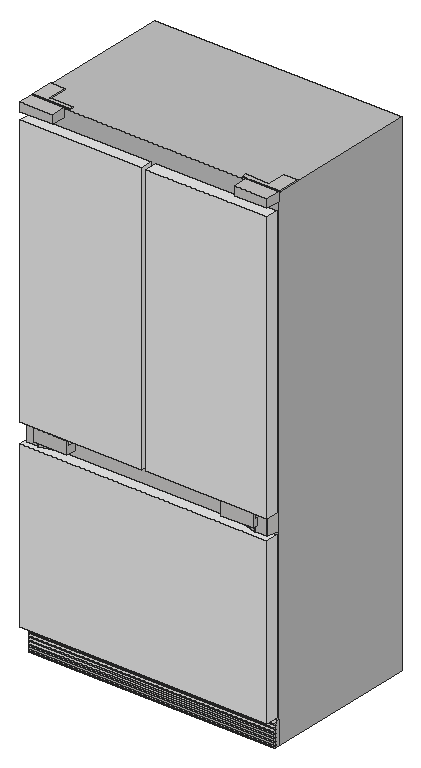
Revit family "FP_Revit_18_RS90A1_Fridge_90001176A", category Specialty Equipment, Revit 2018 (continued)
Definition of nested family "F&P Handle Kit - Contemporary Round - Vertical"
  Forms (mm)
    Extrusion 2, solid, material <- "Material - Handle", detail levels fine
      from 243.5 to 363.5
    Extrusion 3, solid, material <- "Material - Handle", detail levels fine
      sketch origin (0, 0, 0) x (1, 0, 0) y (0, 1, 0)
        loop
          line (-8.7, 0) -> (-8.7, -32.3)
          arc (-8.7, -32.3) -> (0, -41) -> (8.7, -32.3) r 8.7
          line (8.7, -32.3) -> (8.7, 0) -> (-8.7, 0)
      from -363.5 to -243.5
    Sweep 4, void
      path in 3D
        loop
          line (8.7, 0, -363.5) -> (8.7, -32.3, -363.5)
          arc (8.7, -32.3, -363.5) -> (0, -41, -363.5) -> (-8.7, -32.3, -363.5) r 8.7
          line (-8.7, -32.3, -363.5) -> (-8.7, 0, -363.5)
      profile origin (8.7, -16.15, -363.5) x (-1, 0, 0) y (0, 0, -1)
        loop
          line (0, 0) -> (0, -1) -> (1, 0) -> (0, 0)
    Sweep 5, void
      path in 3D
        loop
          line (-8.7, 0, 363.5) -> (-8.7, -32.3, 363.5)
          arc (-8.7, -32.3, 363.5) -> (0, -41, 363.5) -> (8.7, -32.3, 363.5) r 8.7
          line (8.7, -32.3, 363.5) -> (8.7, 0, 363.5)
      profile origin (8.7, -16.15, 363.5) x (-1, 0, 0) y (0, 0, 1)
        loop
          line (0, 0) -> (0, -1) -> (1, 0) -> (0, 0)
    Extrusion 6, solid, material <- "Material - Handle", detail levels coarse+medium
      sketch origin (0, 0, 0) x (1, 0, 0) y (0, 1, 0)
        loop
          line (-8.7, 0) -> (-8.7, -32.3)
          arc (-8.7, -32.3) -> (0, -41) -> (8.7, -32.3) r 8.7
          line (8.7, -32.3) -> (8.7, 0) -> (-8.7, 0)
      from 243.5 to 363.5
    Extrusion 7, solid, material <- "Material - Handle", detail levels coarse+medium
      sketch origin (0, 0, 0) x (1, 0, 0) y (0, 1, 0)
        loop
          line (-8.7, 0) -> (-8.7, -32.3)
          arc (-8.7, -32.3) -> (0, -41) -> (8.7, -32.3) r 8.7
          line (8.7, -32.3) -> (8.7, 0) -> (-8.7, 0)
      from -363.5 to -243.5
  Cuts and joins
    Sweep 4 cuts Extrusion 3
    Sweep 5 cuts Extrusion 2
  Lines and regions (mm)
    sketch lines
      curve 1: line (8.7, 0, -363.5) -> (8.7, -32.3, -363.5)
      curve 2: arc (-8.7, -32.3, -363.5) -> (0, -41, -363.5) -> (8.7, -32.3, -363.5) r 8.7
      curve 3: line (-8.7, -32.3, -363.5) -> (-8.7, 0, -363.5)
      curve 4: line (8.7, -32.3, 363.5) -> (8.7, 0, 363.5)
      curve 5: arc (8.7, -32.3, 363.5) -> (0, -41, 363.5) -> (-8.7, -32.3, 363.5) r 8.7
      curve 6: line (-8.7, 0, 363.5) -> (-8.7, -32.3, 363.5)
  Dimensions and locks
    equal spacing: plane 4 "Top", level, plane 5 "Bottom"
    "Handle - Length": plane 4 "Top" to plane 5 "Bottom"
    locked: plane 4 "Top" to plane 6 "Top Standoff" at 120
    locked: plane 7 "Bottom Standoff" to plane 5 "Bottom" at 120
    Extrusion 2 sketch curve to Extrusion 2 sketch curve = 17.4 mm
    Extrusion 3 sketch curve to Extrusion 3 sketch curve = 17.4 mm
    Extrusion 6 sketch curve to Extrusion 6 sketch curve = 17.4 mm
    Extrusion 7 sketch curve to Extrusion 7 sketch curve = 17.4 mm
    aligned and locked: level to plane 2
    aligned and locked: plane 4 "Top" to Extrusion 2
    aligned and locked: Extrusion 3 to plane 5 "Bottom"
    aligned and locked: plane 7 "Bottom Standoff" to Extrusion 3
    aligned and locked: Extrusion 1 to plane 7 "Bottom Standoff"
    aligned and locked: plane 6 "Top Standoff" to Extrusion 1
    aligned and locked: Extrusion 2 to Extrusion 1
    aligned and locked: Extrusion 6 to Extrusion 1
    aligned and locked: plane 4 "Top" to Extrusion 6
    aligned and locked: Extrusion 7 to Extrusion 1
    aligned and locked: Extrusion 7 to plane 5 "Bottom"
  Automatic sketch dimensions
    Extrusion 1 sketch curve to plane 3 "Center (Left/Right)" = 0 mm
    plane 1 "Center (Front/Back)" to Extrusion 1 sketch curve = 32.3 mm
    plane 1 "Center (Front/Back)" to Extrusion 2 sketch curve = 0 mm
    Extrusion 2 sketch curve to plane 3 "Center (Left/Right)" = 0 mm
    Extrusion 2 sketch curve to plane 3 "Center (Left/Right)" = 8.7 mm
    plane 1 "Center (Front/Back)" to Extrusion 2 sketch curve = 32.3 mm
    plane 1 "Center (Front/Back)" to Extrusion 3 sketch curve = 0 mm
    Extrusion 3 sketch curve to plane 3 "Center (Left/Right)" = 0 mm
    Extrusion 3 sketch curve to plane 3 "Center (Left/Right)" = 8.7 mm
    plane 1 "Center (Front/Back)" to Extrusion 3 sketch curve = 32.3 mm
    Sweep 4 sketch curve to profile plane = 0 mm  (x2)
    Sweep 4 sketch curve to profile plane = 1 mm  (x2)
    Sweep 5 sketch curve to profile plane = 0 mm  (x2)
    Sweep 5 sketch curve to profile plane = 1 mm  (x2)
    Extrusion 6 sketch curve to plane 3 "Center (Left/Right)" = 0 mm
    Extrusion 6 sketch curve to plane 3 "Center (Left/Right)" = 8.7 mm
    plane 1 "Center (Front/Back)" to Extrusion 6 sketch curve = 32.3 mm
    Extrusion 6 sketch curve to Extrusion 6 sketch curve = 32.3 mm
    Extrusion 7 sketch curve to plane 3 "Center (Left/Right)" = 0 mm
    Extrusion 7 sketch curve to plane 3 "Center (Left/Right)" = 8.7 mm
    plane 1 "Center (Front/Back)" to Extrusion 7 sketch curve = 32.3 mm
    Extrusion 7 sketch curve to Extrusion 7 sketch curve = 32.3 mm
    radius of Extrusion 1 sketch curve = 8.7 mm
Definition of nested family "F&P Handle Kit - Contemporary Square Fine - Horizontal"
  Parameters (values of type "AHD5RD80AB - Contemporary square fine black handle (2 of 2) (Horizontal) 646mm")
    URL = "www.fisherpaykel.com"
    Material - Handle = none
    Manufacturer = "Fisher & Paykel Appliances"
    Handle - Length = 646 mm
  Types (14, lengths in mm): name | Handle - Length
    AHD5RD2484W - Contemporary square fine handle (2 of 2) (Horizontal) 494mm | 494
    AHD5RD2484WB - Contemporary square fine black handle (2 of 2) (Horizontal) 494mm | 494
    AHD5RD3084W - Contemporary square fine handle (2 of 2) (Horizontal) 646mm | 646
    AHD5RD3084WB - Contemporary square fine black handle (2 of 2) (Horizontal) 646mm | 646
    AHD5RD7621W - Contemporary square fine handle (2 of 2) (Horizontal) 646mm | 646
    AHD5RD7621WB - Contemporary square fine handle black (2 of 2) (Horizontal) 646mm | 646
    AHD5RD6121W - Contemporary square fine handle (2 of 2) (Horizontal) 494mm | 494
    AHD5RD6121WB - Contemporary square fine handle black (2 of 2) (Horizontal) 494mm | 494
    AHD5RD36A - Contemporary square fine handle (2 of 2) (Horizontal) 746mm | 746
    AHD5RD36AB - Contemporary square fine black handle (2 of 2) (Horizontal) 746mm | 746
    AHD5RD90A - Contemporary square fine handle (2 of 2) (Horizontal) 746mm | 746
    AHD5RD80A - Contemporary square fine handle (2 of 2) (Horizontal) 646mm | 646
    AHD5RD80AB - Contemporary square fine black handle (2 of 2) (Horizontal) 646mm | 646
    AHD5RD90AB - Contemporary square fine black handle (2 of 2) (Horizontal) 746mm | 746
  Reference planes
    plane 1 "Center (Front/Back)": y = 0
    plane 2: z = 0
    plane 3 "Center (Left/Right)": x = 0
    plane 4 "Product LHS": x = -323
    plane 5 "Product RHS": x = 323
    plane 6 "LHS Standoff": x = -202.995
    plane 7 "RHS Standoff": x = 203.005
  Forms (mm)
    Extrusion 1, solid, material <- "Material - Handle", detail levels fine
      sketch origin (0, 0, 0) x (0, 1, 0) y (0, 0, 1)
        loop
          arc (-26.813, 6.16) -> (-27.196, 6.554) -> (-27.728, 6.686) r 1
          line (-27.728, 6.686) -> (-40.035, 6.256)
          arc (-40.035, 6.256) -> (-40.719, 5.951) -> (-41, 5.257) r 1
          line (-41, 5.257) -> (-41, -5.257)
          arc (-41, -5.257) -> (-40.719, -5.951) -> (-40.035, -6.256) r 1
          line (-40.035, -6.256) -> (-27.709, -6.686)
          arc (-27.709, -6.686) -> (-27.175, -6.554) -> (-26.792, -6.158) r 1
          arc (-26.792, -6.158) -> (-25.256, 0.004) -> (-26.813, 6.16) r 13.038
      from -323 to 323
    Extrusion 2, solid, material <- "Material - Handle", detail levels fine
      sketch origin (0, 0, 0) x (0, 1, 0) y (0, 0, 1)
        loop
          arc (-26.626, -6.008) -> (-26.614, -6.49) -> (-26.2, -6.737) r 0.5
          line (-26.2, -6.737) -> (0, -7.696) -> (0, 7.704) -> (-26.174, 6.747)
          arc (-26.174, 6.747) -> (-26.587, 6.5) -> (-26.6, 6.019) r 0.5
          arc (-26.6, 6.019) -> (-25.156, 0.002) -> (-26.626, -6.008) r 13.136
      from 203.005 to 323
    Extrusion 3, solid, material <- "Material - Handle", detail levels coarse+medium
      sketch origin (0, 0, 0) x (1, 0, 0) y (0, 1, 0)
        loop
          line (-323, -42) -> (323, -42) -> (323, 0) -> (203.005, 0) -> (203.005, -26.156) -> (-202.995, -26.156) -> (-202.995, 0) -> (-323, 0) -> (-323, -42)
      from -8.022 to 7.978
    Extrusion 4, solid, material <- "Material - Handle", detail levels fine
      sketch origin (0, 0, 0) x (0, 1, 0) y (0, 0, 1)
        loop
          arc (-26.626, -6.008) -> (-26.614, -6.49) -> (-26.2, -6.737) r 0.5
          line (-26.2, -6.737) -> (0, -7.696) -> (0, 7.704) -> (-26.174, 6.747)
          arc (-26.174, 6.747) -> (-26.587, 6.5) -> (-26.6, 6.019) r 0.5
          arc (-26.6, 6.019) -> (-25.156, 0.002) -> (-26.626, -6.008) r 13.136
      from -323 to -202.995
  Dimensions and locks
    equal spacing: plane 4 "Product LHS", plane 3 "Center (Left/Right)", plane 5 "Product RHS"
    "Handle - Length": plane 4 "Product LHS" to plane 5 "Product RHS"
    locked: plane 4 "Product LHS" to plane 6 "LHS Standoff" at 120.005
    locked: plane 7 "RHS Standoff" to plane 5 "Product RHS" at 119.995
    aligned and locked: level to plane 2
    aligned and locked: Extrusion 1 to plane 5 "Product RHS"
    aligned and locked: plane 4 "Product LHS" to Extrusion 1
    aligned and locked: Extrusion 2 to plane 5 "Product RHS"
    aligned and locked: plane 4 "Product LHS" to Extrusion 3 sketch curve
    aligned and locked: Extrusion 3 sketch curve to plane 5 "Product RHS"
    aligned and locked: Extrusion 3 sketch curve to plane 7 "RHS Standoff"
    aligned and locked: plane 6 "LHS Standoff" to Extrusion 3 sketch curve
    aligned and locked: plane 4 "Product LHS" to Extrusion 4
    aligned and locked: plane 6 "LHS Standoff" to Extrusion 4
    aligned and locked: Extrusion 2 to plane 7 "RHS Standoff"
  Automatic sketch dimensions
    Extrusion 1 sketch curve to level = 5.257 mm
    plane 1 "Center (Front/Back)" to Extrusion 1 sketch curve = 41 mm
    level to Extrusion 1 sketch curve = 6.256 mm
    Extrusion 1 sketch curve to Extrusion 1 sketch curve = 0.965 mm  (x2)
    Extrusion 1 sketch curve to level = 6.256 mm
    Extrusion 1 sketch curve to Extrusion 1 sketch curve = 0.035 mm  (x3)
    Extrusion 1 sketch curve to level = 0.018 mm
    Extrusion 1 sketch curve to Extrusion 1 sketch curve = 1.706 mm
    level to Extrusion 1 sketch curve = 6.686 mm
    Extrusion 1 sketch curve to Extrusion 1 sketch curve = 12.307 mm
    Extrusion 1 sketch curve to level = 6.686 mm
    Extrusion 1 sketch curve to Extrusion 1 sketch curve = 12.326 mm
    Extrusion 1 sketch curve to Extrusion 1 sketch curve = 0.999 mm  (x2)
    Extrusion 1 sketch curve to Extrusion 1 sketch curve = 0 mm
    Extrusion 2 sketch curve to plane 1 "Center (Front/Back)" = 0 mm
    level to Extrusion 2 sketch curve = 6.247 mm
    plane 1 "Center (Front/Back)" to Extrusion 2 sketch curve = 26.155 mm
    level to Extrusion 2 sketch curve = 6.747 mm
    Extrusion 2 sketch curve to Extrusion 2 sketch curve = 0.018 mm  (x2)
    Extrusion 2 sketch curve to level = 6.238 mm
    Extrusion 2 sketch curve to Extrusion 2 sketch curve = 0.026 mm
    Extrusion 2 sketch curve to level = 6.737 mm
    level to Extrusion 2 sketch curve = 0.03 mm
    Extrusion 2 sketch curve to Extrusion 2 sketch curve = 12.11 mm
    Extrusion 2 sketch curve to level = 7.696 mm
    level to Extrusion 2 sketch curve = 7.704 mm
    Extrusion 2 sketch curve to Extrusion 2 sketch curve = 0 mm
    plane 1 "Center (Front/Back)" to Extrusion 3 sketch curve = 42 mm
    Extrusion 3 sketch curve to Extrusion 3 sketch curve = 15.844 mm
    Extrusion 3 sketch curve to Extrusion 3 sketch curve = 26.156 mm  (x2)
    level to Extrusion 4 sketch curve = 0.03 mm
    plane 1 "Center (Front/Back)" to Extrusion 4 sketch curve = 38.291 mm
    Extrusion 4 sketch curve to level = 6.737 mm
    Extrusion 4 sketch curve to Extrusion 4 sketch curve = 12.091 mm
    Extrusion 4 sketch curve to Extrusion 4 sketch curve = 0.018 mm  (x2)
    level to Extrusion 4 sketch curve = 6.747 mm
    Extrusion 4 sketch curve to Extrusion 4 sketch curve = 0.008 mm
    level to Extrusion 4 sketch curve = 7.704 mm
    Extrusion 4 sketch curve to Extrusion 4 sketch curve = 26.174 mm
    Extrusion 4 sketch curve to level = 7.696 mm
    Extrusion 4 sketch curve to Extrusion 4 sketch curve = 0.5 mm  (x2)
    Extrusion 4 sketch curve to Extrusion 4 sketch curve = 0 mm
Definition of nested family "F&P Handle Kit - Contemporary Square Fine - Vertical"
  Parameters (values of type "AHD5RD90AB - Contemporary square fine black handle (1 of 2) (Vertical) 727mm")
    URL = "www.fisherpaykel.com"
    Material - Handle = none
    Manufacturer = "Fisher & Paykel Appliances"
    Handle - Length = 727 mm
  Types (14): name
    AHD5RD2484W - Contemporary square fine handle (1 of 2) (Vertical) 727mm
    AHD5RD2484WB - Contemporary square fine black handle (1 of 2) (Vertical) 727mm
    AHD5RD3084W - Contemporary square fine handle (1 of 2) (Vertical) 727mm
    AHD5RD3084WB - Contemporary square fine black handle (1 of 2) (Vertical) 727mm
    AHD5RD6121W - Contemporary square fine handle (1 of 2) (Vertical) 727mm
    AHD5RD6121WB - Contemporary square fine black handle (1 of 2) (Vertical) 727mm
    AHD5RD7621W - Contemporary square fine handle (1 of 2) (Vertical) 727mm
    AHD5RD7621WB - Contemporary square fine black handle (1 of 2) (Vertical) 727mm
    AHD5RD36A - Contemporary square fine handle (1 of 2) (Vertical) 727mm
    AHD5RD36AB - Contemporary square fine black handle (1 of 2) (Vertical) 727mm
    AHD5RD80A - Contemporary square fine handle (1 of 2) (Vertical) 727mm
    AHD5RD90A - Contemporary square fine handle (1 of 2) (Vertical) 727mm
    AHD5RD80AB - Contemporary square fine black handle (1 of 2) (Vertical) 727mm
    AHD5RD90AB - Contemporary square fine black handle (1 of 2) (Vertical) 727mm
  Reference planes
    plane 1 "Center (Front/Back)": y = 0
    plane 2: z = 0
    plane 3 "Center (Left/Right)": x = 0
    plane 4 "Top": z = 363.5
    plane 5 "Bottom": z = -363.5
    plane 6 "Top Standoff": z = 243.5
    plane 7 "Bottom Standoff": z = -243.5
  Forms (mm)
    Extrusion 1, solid, material <- "Material - Handle", detail levels fine
      sketch origin (0, 0, 0) x (1, 0, 0) y (0, 1, 0)
        loop
          arc (-6.16, -26.813) -> (-6.554, -27.196) -> (-6.686, -27.728) r 1
          line (-6.686, -27.728) -> (-6.256, -40.035)
          arc (-6.256, -40.035) -> (-5.951, -40.719) -> (-5.257, -41) r 1
          line (-5.257, -41) -> (5.257, -41)
          arc (5.257, -41) -> (5.951, -40.719) -> (6.256, -40.035) r 1
          line (6.256, -40.035) -> (6.686, -27.709)
          arc (6.686, -27.709) -> (6.554, -27.175) -> (6.158, -26.792) r 1
          arc (6.158, -26.792) -> (-0.004, -25.256) -> (-6.16, -26.813) r 13.038
      from -363.5 to 363.5
    Extrusion 2, solid, material <- "Material - Handle", detail levels fine
      sketch origin (0, 0, 0) x (1, 0, 0) y (0, 1, 0)
        loop
          arc (6.012, -26.626) -> (6.494, -26.614) -> (6.741, -26.2) r 0.5
          line (6.741, -26.2) -> (7.7, 0) -> (-7.7, 0) -> (-6.742, -26.174)
          arc (-6.742, -26.174) -> (-6.496, -26.587) -> (-6.015, -26.6) r 0.5
          arc (-6.015, -26.6) -> (0.002, -25.156) -> (6.012, -26.626) r 13.136
      from 243.5 to 363.5
    Extrusion 3, solid, material <- "Material - Handle", detail levels coarse+medium
      sketch origin (0, 0, 0) x (0, 1, 0) y (0, 0, 1)
        loop
          line (0, 363.5) -> (-42, 363.5) -> (-42, -363.5) -> (0, -363.5) -> (0, -243.5) -> (-26.245, -243.5) -> (-26.245, 243.5) -> (0, 243.5) -> (0, 363.5)
      from -8 to 8
    Extrusion 4, solid, material <- "Material - Handle", detail levels fine
      sketch origin (0, 0, 0) x (1, 0, 0) y (0, 1, 0)
        loop
          arc (6.012, -26.626) -> (6.494, -26.614) -> (6.741, -26.2) r 0.5
          line (6.741, -26.2) -> (7.7, 0) -> (-7.7, 0) -> (-6.742, -26.174)
          arc (-6.742, -26.174) -> (-6.496, -26.587) -> (-6.015, -26.6) r 0.5
          arc (-6.015, -26.6) -> (0.002, -25.156) -> (6.012, -26.626) r 13.136
      from -363.5 to -243.5
  Dimensions and locks
    equal spacing: plane 4 "Top", level, plane 5 "Bottom"
    "Handle - Length": plane 4 "Top" to plane 5 "Bottom"
    locked: plane 4 "Top" to plane 6 "Top Standoff" at 120
    locked: plane 7 "Bottom Standoff" to plane 5 "Bottom" at 120
    aligned and locked: level to plane 2
    aligned and locked: plane 4 "Top" to Extrusion 2
    aligned and locked: Extrusion 2 to plane 6 "Top Standoff"
    aligned and locked: plane 4 "Top" to Extrusion 1
    aligned and locked: Extrusion 1 to plane 5 "Bottom"
    aligned and locked: plane 4 "Top" to Extrusion 3 sketch curve
    aligned and locked: plane 6 "Top Standoff" to Extrusion 3 sketch curve
    aligned and locked: plane 7 "Bottom Standoff" to Extrusion 3 sketch curve
    aligned and locked: plane 5 "Bottom" to Extrusion 3 sketch curve
    aligned and locked: Extrusion 4 to plane 5 "Bottom"
    aligned and locked: plane 7 "Bottom Standoff" to Extrusion 4
  Automatic sketch dimensions
    Extrusion 1 sketch curve to plane 3 "Center (Left/Right)" = 6.686 mm
    Extrusion 1 sketch curve to plane 3 "Center (Left/Right)" = 6.256 mm
    Extrusion 1 sketch curve to Extrusion 1 sketch curve = 0.999 mm  (x4)
    plane 3 "Center (Left/Right)" to Extrusion 1 sketch curve = 0.018 mm
    plane 3 "Center (Left/Right)" to Extrusion 1 sketch curve = 5.257 mm
    plane 3 "Center (Left/Right)" to Extrusion 1 sketch curve = 5.687 mm
    plane 1 "Center (Front/Back)" to Extrusion 1 sketch curve = 41 mm
    Extrusion 1 sketch curve to Extrusion 1 sketch curve = 0.965 mm  (x2)
    Extrusion 1 sketch curve to Extrusion 1 sketch curve = 1.706 mm
    Extrusion 1 sketch curve to Extrusion 1 sketch curve = 12.307 mm
    Extrusion 1 sketch curve to Extrusion 1 sketch curve = 12.326 mm
    Extrusion 1 sketch curve to Extrusion 1 sketch curve = 0.035 mm  (x2)
    Extrusion 1 sketch curve to Extrusion 1 sketch curve = 0 mm
    plane 1 "Center (Front/Back)" to Extrusion 2 sketch curve = 0 mm
    Extrusion 2 sketch curve to plane 3 "Center (Left/Right)" = 7.7 mm
    Extrusion 2 sketch curve to plane 3 "Center (Left/Right)" = 6.742 mm
    Extrusion 2 sketch curve to Extrusion 2 sketch curve = 0.5 mm  (x2)
    Extrusion 2 sketch curve to plane 3 "Center (Left/Right)" = 0.026 mm
    plane 3 "Center (Left/Right)" to Extrusion 2 sketch curve = 6.242 mm
    plane 3 "Center (Left/Right)" to Extrusion 2 sketch curve = 7.7 mm
    plane 1 "Center (Front/Back)" to Extrusion 2 sketch curve = 26.155 mm
    Extrusion 2 sketch curve to Extrusion 2 sketch curve = 0.018 mm  (x2)
    Extrusion 2 sketch curve to Extrusion 2 sketch curve = 0.026 mm
    Extrusion 2 sketch curve to Extrusion 2 sketch curve = 12.11 mm
    Extrusion 2 sketch curve to Extrusion 2 sketch curve = 0 mm
    plane 1 "Center (Front/Back)" to Extrusion 3 sketch curve = 42 mm
    Extrusion 3 sketch curve to Extrusion 3 sketch curve = 15.755 mm
    Extrusion 3 sketch curve to Extrusion 3 sketch curve = 42 mm  (x2)
    Extrusion 4 sketch curve to plane 3 "Center (Left/Right)" = 7.7 mm
    Extrusion 4 sketch curve to plane 3 "Center (Left/Right)" = 6.742 mm
    Extrusion 4 sketch curve to Extrusion 4 sketch curve = 0.5 mm  (x2)
    Extrusion 4 sketch curve to plane 3 "Center (Left/Right)" = 0.026 mm
    plane 3 "Center (Left/Right)" to Extrusion 4 sketch curve = 6.242 mm
    plane 3 "Center (Left/Right)" to Extrusion 4 sketch curve = 7.7 mm
    plane 1 "Center (Front/Back)" to Extrusion 4 sketch curve = 38.291 mm
    Extrusion 4 sketch curve to Extrusion 4 sketch curve = 12.091 mm
    Extrusion 4 sketch curve to Extrusion 4 sketch curve = 0.018 mm  (x2)
    Extrusion 4 sketch curve to Extrusion 4 sketch curve = 0.452 mm
    Extrusion 4 sketch curve to Extrusion 4 sketch curve = 26.174 mm
    Extrusion 4 sketch curve to Extrusion 4 sketch curve = 0 mm
Definition of nested family "Comment Marker 2D"
  Types (3): name
    New
    Resolved
    Active
  Reference planes
    plane 1: y = 0
    plane 2: x = 0
  Text (mm)
    text "Edit Type: \nTo control handle kit \nand door panel visibility\n options\n\nDelete unwanted kits \nto reduce file size" at (-0.165, 35.556, 0)
